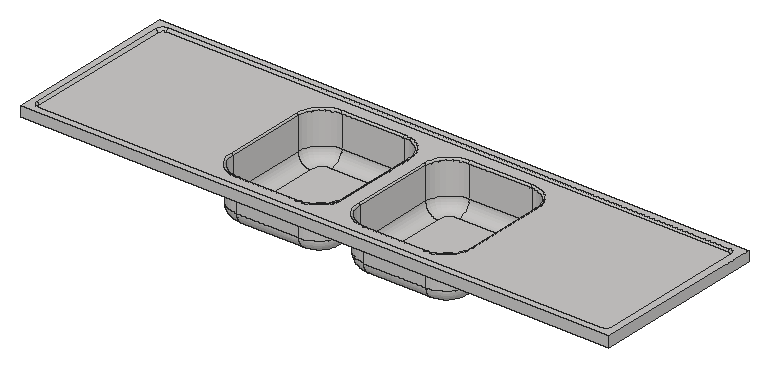
Revit family
Parameters (values of type "1800 X 535")
  Waste Connection Diameter = 40 mm
  Width Of Bowl = 400 mm
  Waste Connection Radius = Waste Connection Diameter / 2  # 20 mm
  Waste Connection = 1 = 1  # yes
  WFU = 0
  Vent Connection = 1 = 0  # no
  URL = "http://www.autospec.co.za/browse.php?id=1937217983"
  Product Code = "SSO-1800-DC"
  OmniClass Title = ""
  OmniClass Number = ""
  Modspec Classification = ""
  Specification = ""
  Material = Stainless Steel Grade 304
  Location (revit room) = ""
  Length Of Bowl = 340 mm
  HW Connection = 1 = 0  # no
  Description = ""
  Depth Of Bowl = 150 mm
  Colour = none
  CW Connection = 1 = 0  # no
  Body Finish = none
  Width = 535 mm
  Model = "Sit-On Sink Double Central Bowls SSO-1800-DC"
  Manufacturer = "Kwikot"  # constant formula
  Length = 1800 mm
  Assembly Code = "D2010410"
Reference planes
  plane 1 "Center (Front/Back)": y = 0
  plane 2 "Bottom": z = 0
  plane 3 "Center (Left/Right)": x = 0
  plane 4 "Right": x = 1800
  plane 5 "Back": y = 535
  plane 6 "Top": z = 150
  plane 7: z = 118
  plane 8: x = 535
  plane 9: x = 875
  plane 10: y = 267.5
  plane 11: y = 467.5
  plane 12: y = 67.5
  plane 13: x = 705
  plane 14: z = 142
  plane 15: x = 925
  plane 16: x = 1265
  plane 17: x = 1095
  plane 18: x = 900
Forms (mm)
  Sweep 1, solid, material "Stainless Steel Grade 304" <- "Material"
    path origin (-60.109, -1524, 150) x (-1, 0, 0) y (0, -1, 0)
      loop
        line (-60.109, -2059) -> (-60.109, -1524) -> (-1860.109, -1524) -> (-1860.109, -2059) -> (-60.109, -2059)
    profile origin (900, 535, 150) x (0, 1, 0) y (0, 0, 1)
      loop
        line (-15, 0) -> (-15, -10.5) -> (-2.5, -10.5) -> (-2.5, -29.5) -> (-10, -29.5) -> (-10, -32) -> (0, -32) -> (0, 0) -> (-15, 0)
  Extrusion 2, solid, material "Stainless Steel Grade 304" <- "Material"
    sketch origin (-60.109, -1524, 150) x (-1, 0, 0) y (0, -1, 0)
      loop
        line (-75.109, -1539) -> (-1845.109, -1539) -> (-1845.109, -2044) -> (-75.109, -2044) -> (-75.109, -1539)
    from 0 to -10.5
  Extrusion 3, void
    sketch origin (-60.109, -1524, 150) x (0, -1, 0) y (-1, 0, 0)
      loop
        line (-1991.5, -670.109) -> (-1991.5, -860.109)
        arc (-1991.5, -860.109) -> (-1969.533, -913.142) -> (-1916.5, -935.109) r 75
        line (-1916.5, -935.109) -> (-1666.5, -935.109)
        arc (-1666.5, -935.109) -> (-1613.467, -913.142) -> (-1591.5, -860.109) r 75
        line (-1591.5, -860.109) -> (-1591.5, -670.109)
        arc (-1591.5, -670.109) -> (-1613.467, -617.076) -> (-1666.5, -595.109) r 75
        line (-1666.5, -595.109) -> (-1916.5, -595.109)
        arc (-1916.5, -595.109) -> (-1969.533, -617.076) -> (-1991.5, -670.109) r 75
      loop
        line (-1991.5, -1060.109) -> (-1991.5, -1250.109)
        arc (-1991.5, -1250.109) -> (-1969.533, -1303.142) -> (-1916.5, -1325.109) r 75
        line (-1916.5, -1325.109) -> (-1666.5, -1325.109)
        arc (-1666.5, -1325.109) -> (-1613.467, -1303.142) -> (-1591.5, -1250.109) r 75
        line (-1591.5, -1250.109) -> (-1591.5, -1060.109)
        arc (-1591.5, -1060.109) -> (-1613.467, -1007.076) -> (-1666.5, -985.109) r 75
        line (-1666.5, -985.109) -> (-1916.5, -985.109)
        arc (-1916.5, -985.109) -> (-1969.533, -1007.076) -> (-1991.5, -1060.109) r 75
    from 0 to 10.5
  Sweep 4, solid, material "Stainless Steel Grade 304" <- "Material"
    path origin (-60.109, -1524, 150) x (-1, 0, 0) y (0, -1, 0)
      loop
        arc (-670.109, -1991.5) -> (-617.076, -1969.533) -> (-595.109, -1916.5) r 75
        line (-595.109, -1916.5) -> (-595.109, -1666.5)
        arc (-595.109, -1666.5) -> (-617.076, -1613.467) -> (-670.109, -1591.5) r 75
        line (-670.109, -1591.5) -> (-860.109, -1591.5)
        arc (-860.109, -1591.5) -> (-913.142, -1613.467) -> (-935.109, -1666.5) r 75
        line (-935.109, -1666.5) -> (-935.109, -1916.5)
        arc (-935.109, -1916.5) -> (-913.142, -1969.533) -> (-860.109, -1991.5) r 75
        line (-860.109, -1991.5) -> (-670.109, -1991.5)
    profile origin (705, 467.5, 150) x (0, 1, 0) y (0, 0, 1)
      loop
        line (0, -10.5) -> (0, -110)
        arc (0, -110) -> (-10.983, -136.517) -> (-37.5, -147.5) r 37.5
        line (-37.5, -147.5) -> (-37.5, -150)
        arc (-37.5, -150) -> (-9.216, -138.284) -> (2.5, -110) r 40
        line (2.5, -110) -> (2.5, -10.5) -> (0, -10.5)
  Extrusion 5, solid, material "Stainless Steel Grade 304" <- "Material"
    sketch origin (0, 0, 0) x (1, 0, 0) y (0, 1, 0)
      loop
        arc (572.5, 142.5) -> (583.483, 115.983) -> (610, 105) r 37.5
        line (610, 105) -> (800, 105)
        arc (800, 105) -> (826.517, 115.983) -> (837.5, 142.5) r 37.5
        line (837.5, 142.5) -> (837.5, 392.5)
        arc (837.5, 392.5) -> (826.517, 419.017) -> (800, 430) r 37.5
        line (800, 430) -> (610, 430)
        arc (610, 430) -> (583.483, 419.017) -> (572.5, 392.5) r 37.5
        line (572.5, 392.5) -> (572.5, 142.5)
      loop
        circle (705, 267.5) r 20
    from 0 to 2.5
  Blend 6, void
    base sketch origin (0, 0, 150) x (-1, 0, 0) y (0, -1, 0)
      loop
        line (-20, -495) -> (-20, -40)
        arc (-20, -40) -> (-25.858, -25.858) -> (-40, -20) r 20
        line (-40, -20) -> (-1760, -20)
        arc (-1760, -20) -> (-1774.142, -25.858) -> (-1780, -40) r 20
        line (-1780, -40) -> (-1780, -495)
        arc (-1780, -495) -> (-1774.142, -509.142) -> (-1760, -515) r 20
        line (-1760, -515) -> (-40, -515)
        arc (-40, -515) -> (-25.858, -509.142) -> (-20, -495) r 20
    top sketch origin (0, 0, 150) x (-1, 0, 0) y (0, -1, 0)
      loop
        line (-25, -495) -> (-25, -40)
        arc (-25, -40) -> (-29.393, -29.393) -> (-40, -25) r 15
        line (-40, -25) -> (-1760, -25)
        arc (-1760, -25) -> (-1770.607, -29.393) -> (-1775, -40) r 15
        line (-1775, -40) -> (-1775, -495)
        arc (-1775, -495) -> (-1770.607, -505.607) -> (-1760, -510) r 15
        line (-1760, -510) -> (-40, -510)
        arc (-40, -510) -> (-29.393, -505.607) -> (-25, -495) r 15
    from 0 to -8
  Extrusion 7, solid, material "Stainless Steel Grade 304" <- "Material"
    sketch origin (0, 0, 0) x (1, 0, 0) y (0, 1, 0)
      loop
        circle (705, 267.5) r 20
    from 0 to -5
  Sweep 8, solid, material "Stainless Steel Grade 304" <- "Material"
    path origin (-60.109, -1524, 150) x (-1, 0, 0) y (0, -1, 0)
      loop
        arc (-1325.109, -1916.5) -> (-1303.142, -1969.533) -> (-1250.109, -1991.5) r 75
        line (-1250.109, -1991.5) -> (-1060.109, -1991.5)
        arc (-1060.109, -1991.5) -> (-1007.076, -1969.533) -> (-985.109, -1916.5) r 75
        line (-985.109, -1916.5) -> (-985.109, -1666.5)
        arc (-985.109, -1666.5) -> (-1007.076, -1613.467) -> (-1060.109, -1591.5) r 75
        line (-1060.109, -1591.5) -> (-1250.109, -1591.5)
        arc (-1250.109, -1591.5) -> (-1303.142, -1613.467) -> (-1325.109, -1666.5) r 75
        line (-1325.109, -1666.5) -> (-1325.109, -1916.5)
    profile origin (1265, 267.5, 150) x (1, 0, 0) y (0, 0, 1)
      loop
        line (0, -10.5) -> (0, -110)
        arc (0, -110) -> (-10.983, -136.517) -> (-37.5, -147.5) r 37.5
        line (-37.5, -147.5) -> (-37.5, -150)
        arc (-37.5, -150) -> (-9.216, -138.284) -> (2.5, -110) r 40
        line (2.5, -110) -> (2.5, -10.5) -> (0, -10.5)
  Extrusion 9, solid, material "Stainless Steel Grade 304" <- "Material"
    sketch origin (0, 0, 0) x (1, 0, 0) y (0, 1, 0)
      loop
        arc (962.5, 142.5) -> (973.483, 115.983) -> (1000, 105) r 37.5
        line (1000, 105) -> (1190, 105)
        arc (1190, 105) -> (1216.517, 115.983) -> (1227.5, 142.5) r 37.5
        line (1227.5, 142.5) -> (1227.5, 392.5)
        arc (1227.5, 392.5) -> (1216.517, 419.017) -> (1190, 430) r 37.5
        line (1190, 430) -> (1000, 430)
        arc (1000, 430) -> (973.483, 419.017) -> (962.5, 392.5) r 37.5
        line (962.5, 392.5) -> (962.5, 142.5)
      loop
        circle (1095, 267.5) r 20
    from 0 to 2.5
  Extrusion 10, solid, material "Stainless Steel Grade 304" <- "Material"
    sketch origin (0, 0, 0) x (1, 0, 0) y (0, 1, 0)
      loop
        circle (1095, 267.5) r 20
    from 0 to -5
  Sweep 11, void
    path origin (0, 0, 150) x (-1, 0, 0) y (0, -1, 0)
      loop
        line (-800, -467.5) -> (-610, -467.5)
        arc (-610, -467.5) -> (-556.967, -445.533) -> (-535, -392.5) r 75
        line (-535, -392.5) -> (-535, -142.5)
        arc (-535, -142.5) -> (-556.967, -89.467) -> (-610, -67.5) r 75
        line (-610, -67.5) -> (-800, -67.5)
        arc (-800, -67.5) -> (-853.033, -89.467) -> (-875, -142.5) r 75
        line (-875, -142.5) -> (-875, -392.5)
        arc (-875, -392.5) -> (-853.033, -445.533) -> (-800, -467.5) r 75
    profile origin (705, 467.5, 150) x (0, -1, 0) y (0, 0, 1)
      loop
        arc (-5, -8) -> (-1.464, -9.464) -> (0, -13) r 5
        line (0, -13) -> (0, -8) -> (-5, -8)
  Sweep 12, void
    path origin (0, 0, 150) x (-1, 0, 0) y (0, -1, 0)
      loop
        arc (-1000, -467.5) -> (-946.967, -445.533) -> (-925, -392.5) r 75
        line (-925, -392.5) -> (-925, -142.5)
        arc (-925, -142.5) -> (-946.967, -89.467) -> (-1000, -67.5) r 75
        line (-1000, -67.5) -> (-1190, -67.5)
        arc (-1190, -67.5) -> (-1243.033, -89.467) -> (-1265, -142.5) r 75
        line (-1265, -142.5) -> (-1265, -392.5)
        arc (-1265, -392.5) -> (-1243.033, -445.533) -> (-1190, -467.5) r 75
        line (-1190, -467.5) -> (-1000, -467.5)
    profile origin (1095, 467.5, 150) x (0, 1, 0) y (0, 0, 1)
      loop
        line (0, -8) -> (0, -13)
        arc (0, -13) -> (1.464, -9.464) -> (5, -8) r 5
        line (5, -8) -> (0, -8)
Cuts and joins
  Extrusion 3, Blend 6, Sweep 11, Sweep 12 cuts Sweep 1
  Extrusion 3, Blend 6, Sweep 11, Sweep 12 cuts Extrusion 2
  Blend 6, Sweep 11, Sweep 12 cuts Sweep 4
  Blend 6, Sweep 11, Sweep 12 cuts Extrusion 5
  Sweep 11, Sweep 12 cuts Extrusion 7
  Sweep 11, Sweep 12 cuts Sweep 8
  Sweep 11, Sweep 12 cuts Extrusion 9
  Sweep 11, Sweep 12 cuts Extrusion 10
  joined: Sweep 1, Extrusion 2, Sweep 4, Extrusion 5, Extrusion 7, Sweep 8, Extrusion 9, Extrusion 10
Lines and regions (mm)
  symbolic lines
    curve 1: line (0, 535, 150) -> (0, 0, 150)
    curve 2: line (0, 0, 150) -> (1800, 0, 150)
    curve 3: line (1800, 0, 150) -> (1800, 535, 150)
    curve 4: line (1800, 535, 150) -> (0, 535, 150)
    curve 5: line (20, 40, 150) -> (20, 495, 150)
    curve 6: line (25, 495, 150) -> (25, 40, 150)
    curve 7: arc (20, 495, 150) -> (25.858, 509.142, 150) -> (40, 515, 150) r 20
    curve 8: arc (40, 510, 150) -> (29.393, 505.607, 150) -> (25, 495, 150) r 15
    curve 9: line (40, 515, 150) -> (1760, 515, 150)
    curve 10: line (1760, 510, 150) -> (40, 510, 150)
    curve 11: arc (1760, 515, 150) -> (1774.142, 509.142, 150) -> (1780, 495, 150) r 20
    curve 12: arc (1775, 495, 150) -> (1770.607, 505.607, 150) -> (1760, 510, 150) r 15
    curve 13: line (1775, 40, 150) -> (1775, 495, 150)
    curve 14: line (1780, 495, 150) -> (1780, 40, 150)
    curve 15: arc (1780, 40, 150) -> (1774.142, 25.858, 150) -> (1760, 20, 150) r 20
    curve 16: arc (1760, 25, 150) -> (1770.607, 29.393, 150) -> (1775, 40, 150) r 15
    curve 17: line (1760, 20, 150) -> (40, 20, 150)
    curve 18: line (40, 25, 150) -> (1760, 25, 150)
    curve 19: arc (40, 20, 150) -> (25.858, 25.858, 150) -> (20, 40, 150) r 20
    curve 20: arc (25, 40, 150) -> (29.393, 29.393, 150) -> (40, 25, 150) r 15
    curve 21: line (535, 392.5, 150) -> (535, 142.5, 150)
    curve 22: arc (610, 467.5, 150) -> (556.967, 445.533, 150) -> (535, 392.5, 150) r 75
    curve 23: line (800, 467.5, 150) -> (610, 467.5, 150)
    curve 24: arc (875, 392.5, 150) -> (853.033, 445.533, 150) -> (800, 467.5, 150) r 75
    curve 25: line (875, 142.5, 150) -> (875, 392.5, 150)
    curve 26: arc (800, 67.5, 150) -> (853.033, 89.467, 150) -> (875, 142.5, 150) r 75
    curve 27: line (610, 67.5, 150) -> (800, 67.5, 150)
    curve 28: arc (535, 142.5, 150) -> (556.967, 89.467, 150) -> (610, 67.5, 150) r 75
    curve 32: arc (725, 267.5, 150) -> (705, 247.5, 150) -> (685, 267.5, 150) r 20
    curve 33: arc (685, 267.5, 150) -> (705, 287.5, 150) -> (725, 267.5, 150) r 20
    curve 35: line (1000, 467.5, 150) -> (1190, 467.5, 150)
    curve 36: arc (925, 392.5, 150) -> (946.967, 445.533, 150) -> (1000, 467.5, 150) r 75
    curve 37: line (925, 142.5, 150) -> (925, 392.5, 150)
    curve 38: arc (1190, 467.5, 150) -> (1243.033, 445.533, 150) -> (1265, 392.5, 150) r 75
    curve 39: line (1265, 392.5, 150) -> (1265, 142.5, 150)
    curve 40: arc (1265, 142.5, 150) -> (1243.033, 89.467, 150) -> (1190, 67.5, 150) r 75
    curve 41: line (1190, 67.5, 150) -> (1000, 67.5, 150)
    curve 42: arc (1000, 67.5, 150) -> (946.967, 89.467, 150) -> (925, 142.5, 150) r 75
    curve 43: arc (1115, 267.5, 150) -> (1095, 247.5, 150) -> (1075, 267.5, 150) r 20
    curve 44: arc (1075, 267.5, 150) -> (1095, 287.5, 150) -> (1115, 267.5, 150) r 20
  model lines
    curve 29: line (515, 485, 142) -> (515, 60, 142)
    curve 30: line (50, 60, 142) -> (515, 60, 142)
    curve 31: line (515, 460, 142) -> (50, 460, 142)
    curve 34: line (50, 485, 142) -> (50, 60, 142)
    curve 45: line (515, 485, 142) -> (50, 485, 142)
    curve 46: line (515, 435, 142) -> (50, 435, 142)
    curve 47: line (515, 410, 142) -> (50, 410, 142)
    curve 48: line (515, 385, 142) -> (50, 385, 142)
    curve 49: line (515, 360, 142) -> (50, 360, 142)
    curve 50: line (515, 335, 142) -> (50, 335, 142)
    curve 51: line (515, 310, 142) -> (50, 310, 142)
    curve 52: line (515, 285, 142) -> (50, 285, 142)
    curve 53: line (515, 235, 142) -> (50, 235, 142)
    curve 54: line (515, 210, 142) -> (50, 210, 142)
    curve 55: line (515, 185, 142) -> (50, 185, 142)
    curve 56: line (515, 160, 142) -> (50, 160, 142)
    curve 57: line (515, 135, 142) -> (50, 135, 142)
    curve 58: line (515, 110, 142) -> (50, 110, 142)
    curve 59: line (515, 85, 142) -> (50, 85, 142)
    curve 60: line (50, 260, 142) -> (515, 260, 142)
    curve 61: line (1285, 485, 142) -> (1750, 485, 142)
    curve 62: line (1285, 60, 142) -> (1285, 485, 142)
    curve 63: line (1750, 60, 142) -> (1285, 60, 142)
    curve 64: line (1750, 485, 142) -> (1750, 60, 142)
    curve 65: line (1750, 460, 142) -> (1285, 460, 142)
    curve 66: line (1750, 435, 142) -> (1285, 435, 142)
    curve 67: line (1750, 410, 142) -> (1285, 410, 142)
    curve 68: line (1750, 385, 142) -> (1285, 385, 142)
    curve 69: line (1750, 360, 142) -> (1285, 360, 142)
    curve 70: line (1750, 335, 142) -> (1285, 335, 142)
    curve 71: line (1750, 310, 142) -> (1285, 310, 142)
    curve 72: line (1750, 285, 142) -> (1285, 285, 142)
    curve 73: line (1750, 260, 142) -> (1285, 260, 142)
    curve 74: line (1750, 235, 142) -> (1285, 235, 142)
    curve 75: line (1750, 210, 142) -> (1285, 210, 142)
    curve 76: line (1750, 185, 142) -> (1285, 185, 142)
    curve 77: line (1750, 160, 142) -> (1285, 160, 142)
    curve 78: line (1750, 135, 142) -> (1285, 135, 142)
    curve 79: line (1750, 110, 142) -> (1285, 110, 142)
    curve 80: line (1750, 85, 142) -> (1285, 85, 142)
Dimensions and locks
  "Length": plane 3 "Center (Left/Right)" to plane 4 "Right"
  "Width": plane 5 "Back" to plane 1 "Center (Front/Back)"
  "Depth Of Bowl": plane 6 "Top" to plane 2 "Bottom"
  equal spacing: plane 1 "Center (Front/Back)", plane 10, plane 5 "Back"
  "Length Of Bowl": plane 8 to plane 9
  "Width Of Bowl": plane 11 to plane 12
  equal spacing: plane 11, plane 10, plane 12
  equal spacing: plane 8, plane 13, plane 9
  plane 6 "Top" to plane 7 = 32 mm
  Sweep 1 sketch curve to plane 5 "Back" = 10 mm
  Sweep 1 sketch curve to plane 5 "Back" = 15 mm
  plane 6 "Top" to Sweep 1 sketch curve = 10.5 mm
  Sweep 1 sketch curve to plane 5 "Back" = 2.5 mm
  plane 7 to Sweep 1 sketch curve = 2.5 mm
  plane 3 "Center (Left/Right)" to Blend 6 sketch curve = 20 mm
  Blend 6 sketch curve to plane 4 "Right" = 20 mm
  plane 5 "Back" to Blend 6 sketch curve = 20 mm
  plane 1 "Center (Front/Back)" to Blend 6 sketch curve = 20 mm
  var sketch to Blend 6 sketch curve = 5 mm  (x3)
  Blend 6 sketch curve to var sketch = 5 mm
  plane 6 "Top" to plane 14 = 8 mm
  "Length Of Bowl": plane 15 to plane 16
  equal spacing: plane 15, plane 17, plane 16
  plane 9 to plane 15 = 50 mm
  plane 3 "Center (Left/Right)" to curve 34 = 50 mm
  equal spacing: plane 3 "Center (Left/Right)", plane 18, plane 4 "Right"
  equal spacing: plane 9, plane 18, plane 15
  curve 64 to plane 4 "Right" = 50 mm
  radius of Extrusion 3 sketch curve = 75 mm  (x8)
  radius of Sweep 4 sketch curve = 37.5 mm
  radius of Sweep 4 sketch curve = 40 mm
  "Waste Connection Radius": radius of Extrusion 5 sketch curve
  radius of Blend 6 sketch curve = 20 mm  (x4)
  radius of Blend 6 sketch curve = 15 mm  (x4)
  radius of Sweep 8 sketch curve = 37.5 mm
  radius of Sweep 8 sketch curve = 40 mm
  "Waste Connection Radius": radius of Extrusion 9 sketch curve
  aligned and locked: level to plane 2 "Bottom"
  aligned and locked: Sweep 1 sketch curve to plane 5 "Back"
  aligned and locked: plane 3 "Center (Left/Right)" to Sweep 1 sketch curve
  aligned and locked: Sweep 1 sketch curve to plane 1 "Center (Front/Back)"
  aligned and locked: plane 4 "Right" to Sweep 1 sketch curve
  aligned and locked: Sweep 1 sketch curve to profile plane
  aligned and locked: plane 7 to Sweep 1 sketch curve
  aligned and locked: profile plane to Sweep 1 sketch curve
  aligned and locked: Extrusion 2 sketch curve to Sweep 1  (x4)
  aligned and locked: Sweep 1 to Extrusion 2
  aligned and locked: plane 6 "Top" to Extrusion 2
  aligned and locked: plane 11 to Extrusion 3 sketch curve  (x2)
  aligned and locked: Extrusion 3 sketch curve to plane 8
  aligned and locked: Extrusion 3 sketch curve to plane 12  (x2)
  aligned and locked: plane 9 to Extrusion 3 sketch curve
  aligned and locked: Sweep 1 to Extrusion 3
  aligned and locked: plane 6 "Top" to Extrusion 3
  aligned and locked: Sweep 4 sketch curve to cut or joined group 1 (Sweep 1, Extrusion 2, Extrusion 3, Sweep 4, Extrusion 5, Blend 6, Extrusion 7, Sweep 8, Extrusion 9, Extrusion 10, Sweep 11, Sweep 12)  (x5)
  aligned and locked: cut or joined group 1 to Sweep 4 sketch curve
  aligned and locked: plane 2 "Bottom" to Sweep 4 sketch curve
  aligned and locked: Extrusion 5 sketch curve to cut or joined group 1  (x4)
  aligned and locked: plane 10 to Extrusion 5 sketch curve
  aligned and locked: curve 1 to cut or joined group 1
  aligned and locked: curve 2 to cut or joined group 1
  aligned and locked: curve 3 to cut or joined group 1
  aligned and locked: curve 4 to cut or joined group 1
  aligned and locked: curve 7 to cut or joined group 1
  aligned and locked: curve 8 to cut or joined group 1
  aligned and locked: curve 11 to cut or joined group 1
  aligned and locked: curve 12 to cut or joined group 1
  aligned and locked: curve 15 to cut or joined group 1
  aligned and locked: curve 16 to cut or joined group 1
  aligned and locked: curve 19 to cut or joined group 1
  aligned and locked: curve 20 to cut or joined group 1
  aligned and locked: curve 22 to cut or joined group 1
  aligned and locked: curve 24 to cut or joined group 1
  aligned and locked: curve 26 to cut or joined group 1
  aligned and locked: curve 28 to cut or joined group 1
  aligned and locked: Extrusion 7 sketch curve to cut or joined group 1  (x2)
  aligned and locked: curve 32 to cut or joined group 1
  aligned and locked: curve 33 to cut or joined group 1
  aligned and locked: plane 13 to Extrusion 5 sketch curve
  aligned and locked: Extrusion 3 sketch curve to plane 15
  aligned and locked: plane 16 to Extrusion 3 sketch curve
  aligned and locked: Sweep 8 sketch curve to cut or joined group 1  (x4)
  aligned and locked: cut or joined group 1 to Sweep 8 sketch curve
  aligned and locked: Sweep 8 sketch curve to profile plane
  aligned and locked: plane 2 "Bottom" to Sweep 8 sketch curve
  aligned and locked: Extrusion 9 sketch curve to Sweep 8  (x4)
  aligned and locked: plane 17 to Extrusion 9 sketch curve
  aligned and locked: plane 10 to Extrusion 9 sketch curve
  aligned and locked: Extrusion 10 sketch curve to cut or joined group 1  (x2)
  aligned and locked: Sweep 11 sketch curve to cut or joined group 1  (x4)
  aligned and locked: cut or joined group 1 to Sweep 11 sketch curve
  aligned and locked: profile plane to Sweep 11 sketch curve
  aligned and locked: curve 36 to cut or joined group 1
  aligned and locked: curve 38 to cut or joined group 1
  aligned and locked: curve 40 to cut or joined group 1
  aligned and locked: curve 42 to cut or joined group 1
  aligned and locked: curve 43 to cut or joined group 1
  aligned and locked: curve 44 to cut or joined group 1
  aligned and locked: Sweep 12 sketch curve to cut or joined group 1  (x4)
  aligned and locked: profile plane to Sweep 12 sketch curve
  aligned and locked: cut or joined group 1 to Sweep 12 sketch curve
Automatic sketch dimensions
  Sweep 4 sketch curve to Sweep 4 sketch curve = 0 mm
  Sweep 8 sketch curve to Sweep 8 sketch curve = 0 mm
  Sweep 11 sketch curve to Sweep 11 sketch curve = 5 mm  (x4)
  Sweep 11 sketch curve to profile plane = 0 mm
  Sweep 12 sketch curve to Sweep 12 sketch curve = 5 mm  (x2)
  Sweep 12 sketch curve to Sweep 12 sketch curve = 0 mm  (x2)
  Sweep 12 sketch curve to profile plane = 0 mm
  plane 11 to curve 29 = 17.5 mm
  curve 29 to plane 8 = 20 mm
  plane 11 to curve 61 = 17.5 mm
  plane 16 to curve 61 = 20 mm
  curve 64 to plane 12 = 7.5 mm
  curve 31 to plane 11 = 7.5 mm
  curve 31 to curve 46 = 25 mm
  curve 46 to curve 47 = 25 mm
  curve 47 to curve 48 = 25 mm
  curve 48 to curve 49 = 25 mm
  curve 49 to curve 50 = 25 mm
  curve 50 to curve 51 = 25 mm
  plane 10 to curve 52 = 17.5 mm
  curve 60 to plane 10 = 7.5 mm
  curve 60 to curve 53 = 25 mm
  curve 53 to curve 54 = 25 mm
  curve 54 to curve 55 = 25 mm
  curve 55 to curve 56 = 25 mm
  curve 56 to curve 57 = 25 mm
  curve 57 to curve 58 = 25 mm
  plane 12 to curve 59 = 17.5 mm
  curve 34 to plane 12 = 7.5 mm
  curve 65 to plane 11 = 7.5 mm
  curve 65 to curve 66 = 25 mm
  curve 66 to curve 67 = 25 mm
  curve 67 to curve 68 = 25 mm
  curve 68 to curve 69 = 25 mm
  curve 69 to curve 70 = 25 mm
  curve 70 to curve 71 = 25 mm
  plane 10 to curve 72 = 17.5 mm
  curve 73 to plane 10 = 7.5 mm
  curve 73 to curve 74 = 25 mm
  curve 74 to curve 75 = 25 mm
  curve 75 to curve 76 = 25 mm
  curve 76 to curve 77 = 25 mm
  curve 77 to curve 78 = 25 mm
  curve 78 to curve 79 = 25 mm
  plane 12 to curve 80 = 17.5 mm
Connectors
  piping at (705, 267.5, -5), driven by "Waste Connection Radius", driven by "WFU"
    settings: on cut or joined group 1, index 1, connector radius 20 mm, flow factor 0, pipe flow 0.0 L/s, pressure drop 0.0 Pa, fitting loss kfactor 0, connector angle 0.00°, fixture units 0, flow configuration 3, flow direction 2, fitting loss method 4, system type 16, connector reference index -1, connector utility 0, adjustable connector no, is connector primary yes, fitting loss table "", connector description "Waste Connection"
  piping at (1095, 267.5, -5), driven by "Waste Connection Radius", driven by "WFU"
    settings: on cut or joined group 1, index 2, connector radius 20 mm, flow factor 0, pipe flow 0.0 L/s, pressure drop 0.0 Pa, fitting loss kfactor 0, connector angle 0.00°, fixture units 0, flow configuration 3, flow direction 2, fitting loss method 4, system type 16, connector reference index -1, connector utility 0, adjustable connector no, is connector primary no, fitting loss table "", connector description "Waste Connection"
